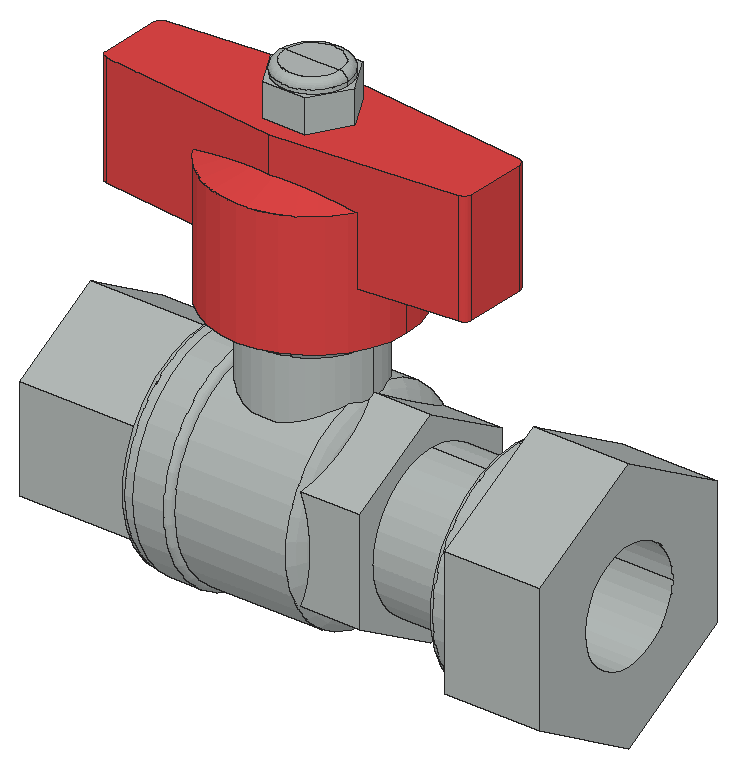
Revit family "QD00100000", category Apparecchi idraulici, Revit 2020
Family settings
  Quota connettore circolare = Usa diametro
  Tipo di parte = Normale
  Numero OmniClass = 23.45.00.00
  Titolo OmniClass = Sanitary, Laundry, and Cleaning Equipment
  Basato su piano di lavoro = No
  Sempre verticale = Sì
  Taglio con vuoti quando caricato = No
  Condiviso = No
  Punto di calcolo locali = No
Parameters
  URL = "https://web.cimberio.com/index.php/figura/178?subcategoria_id=54188"
  Temperatura di esercizio = "-20 ÷ 150°C"
  Prospetto di default = 0 mm
  Produttore = "CIMBERIO SPA"
  Pressione nominale = "PN 80 (DN15); PN 50 (DN20-25); PN 40 (DN32); PN 32 (DN40-50)"
  Modello = "Cim 204"
  Materiale = "Prodotto in lega di ottone conforme alla norma EN 12165-CW617N-DW"
  Descrizione = "Realizzato in ottemperanza ai requisiti gestionali della norma EN ISO 9001.\r\nUtilizzato per la regolazione della temperatura degli ambienti e comandare apparecchi degli impianti di riscaldamento e condizionamento."
  DN Model [instance] = QD00102103 : QD00102103
  DN [instance] = 15 mm
  Commenti sul tipo = "Utilizzato nei più svariati settori dell'impiantistica: reti di distribuzione acqua potabile, impianti di riscaldamento, condizionamento, igienico-sanitari e in generale con ogni fluido non corrosivo"
Reference planes
  plane 1 "Centro (Fronte/Retro)": y = 0
  plane 2: z = 0
  plane 3 "Centro (Sinistra/Destra)": x = 0
Dimensions and locks
  aligned and locked: level to plane 2
Nested families
  nested 1: "QD00102103" at (0, 0, 0), type <- "DN Model", type "QD00102103"
  nested 2: "QD00102103" at (0, 0, 0), type <- "DN Model", type "QD00102103"
  nested 3: "QD00102103" at (0, 0, 0), type <- "DN Model", type "QD00102103"
  nested 4: "QD00102103" at (0, 0, 0), type <- "DN Model", type "QD00102103"
  nested 5: "QD00102103" at (0, 0, 0), type <- "DN Model", type "QD00102103"
  nested 6: "QD00102103" at (0, 0, 0), type <- "DN Model", type "QD00102103"
  nested 7: "QD00102103" at (0, 0, 0), type <- "DN Model", type "QD00102103"
  nested 8: "QD00102103" at (0, 0, 0), type <- "DN Model", type "QD00102103"
  nested 9: "QD00102103" at (0, 0, 0), type <- "DN Model", type "QD00102103"
  nested 10: "QD00102103" at (0, 0, 0), type <- "DN Model", type "QD00102103"
Connectors
  piping at (43.182, 0, 0), diameter 15, driven by "DN"
    settings: on nested 1, index 1, connector inside diameter 609.6 mm, connector length 0 mm, flow factor 0, pipe flow 0.0 L/s, pressure drop 0.0 Pa, fitting loss kfactor 0, connector angle 0.00°, fixture units 0, engagement length 0 mm, angle of deflection 0.00°, flow configuration 0, flow direction 0, fitting loss method 0, system type 7, joint type 0, gender type 0, connector reference index -1, connector utility 0, adjustable connector no, is connector primary yes, connector description ""
  piping at (-30.318, 0, 0), diameter 15, driven by "DN"
    settings: on nested 1, index 2, connector inside diameter 609.6 mm, connector length 0 mm, flow factor 0, pipe flow 0.0 L/s, pressure drop 0.0 Pa, fitting loss kfactor 0, connector angle 0.00°, fixture units 0, engagement length 0 mm, angle of deflection 0.00°, flow configuration 0, flow direction 0, fitting loss method 0, system type 7, joint type 0, gender type 0, connector reference index -1, connector utility 0, adjustable connector no, is connector primary no, connector description ""
Definition of nested family "QD00102103"
  Parameters (values of type "QD00102103")
    URL = "https://web.cimberio.it/index.php/figura/394?subcategoria_id="
    Temperatura di esercizio = "-10 ÷ 95°C"
    Default Elevation = 0 mm
    Manufacturer = "CIMBERIO SPA"
    Pressione nominale = "PN 16"
    Model = "Cim 32"
    Materiale = "Prodotto in lega di ottone conforme alla norma EN 12165-CW617N-DW"
    Description = "Impiegato nei più svariati settori dell'impiantistica in condutture anti-ritorno per: reti di distribuzione acqua potabile, impianti di riscaldamento, condizionamento, igienico-sanitari e in generale con ogni fluido non corrosivo."
    Type Comments = "Realizzato in ottemperanza ai requisiti gestionali della norma EN ISO 9001.\r\nCollaudato al 100% secondo la normativa EN 12266-1"
  Reference planes
    plane 1 "Centro (Fronte/Retro)": y = 0
    plane 2: z = 0
    plane 3 "Centro (Sinistra/Destra)": x = 0
  Forms (mm)
    Revolve 1, solid
      sketch origin (0, 0, 0) x (1, 0, 0) y (0, 0, 1)
        loop
          line (-12.6, 14.75) -> (-13.886, 14.75)
          arc (-13.886, 14.75) -> (-14.391, 14.541) -> (-14.6, 14.036) r 0.714
          line (-14.6, 14.036) -> (-14.6, 7.5) -> (-12.6, 7.5) -> (-12.6, 14.75)
        axis (-14.6, 0) -> (-12.6, 0)
      angle from 0 to 360
    Revolve 2, solid
      sketch origin (0, 0, 0) x (1, 0, 0) y (0, 0, 1)
        loop
          line (-12.6, -15) -> (-8.453, -15)
          arc (-8.453, -15) -> (-7.862, -14.806) -> (-7.5, -14.3) r 1
          line (-7.5, -14.3) -> (7.7, -14.3)
          arc (7.7, -14.3) -> (9.549, -11.151) -> (9.473, -7.5) r 6.705
          line (9.473, -7.5) -> (-12.6, -7.5) -> (-12.6, -15)
        axis (-12.6, 0) -> (9.473, 0)
      angle from 0 to 360
    Extrusion 3, solid
      sketch origin (0, 0, 0) x (0, 1, 0) y (0, 0, 1)
        loop
          circle (0, 0) r 7.5
        loop
          line (0, 14) -> (-12.124, 7) -> (-12.124, -7) -> (0, -14) -> (12.124, -7) -> (12.124, 7) -> (0, 14)
      from 7.682 to 16.151
    Extrusion 4, solid
      sketch origin (-38, 0, 0) x (0, 1, 0) y (0, 0, 1)
        loop
          circle (0, 0) r 7.5
        loop
          line (0, 14) -> (-12.124, 7) -> (-12.124, -7) -> (0, -14) -> (12.124, -7) -> (12.124, 7) -> (0, 14)
      from 7.682 to 23.4
    Revolve 5, solid
      sketch origin (0, 0, 0) x (1, 0, 0) y (0, 0, 1)
        loop
          line (26, 10) -> (16.151, 10) -> (16.151, 7.5) -> (28.182, 7.5) -> (28.182, 11.1) -> (27.136, 11.1)
          arc (27.136, 11.1) -> (26.695, 10.419) -> (26, 10) r 1.808
        axis (16.151, 0) -> (28.182, 0)
      angle from 0 to 360
    Revolve 6, solid
      sketch origin (-3.018, 0, 0) x (1, 0, 0) y (0, 0, 1)
        loop
          line (30.7, 7.5) -> (33.2, 7.5) -> (33.2, 14.772) -> (31.2, 14.772)
          arc (31.2, 14.772) -> (30.847, 14.626) -> (30.7, 14.272) r 0.5
          line (30.7, 14.272) -> (30.7, 7.5)
        axis (30.7, 0) -> (33.2, 0)
      angle from 0 to 360
    Extrusion 7, solid
      sketch origin (0, 0, 0) x (0, 1, 0) y (0, 0, 1)
        loop
          circle (0, 0) r 7.5
        loop
          line (0, 17.4) -> (-15.069, 8.7) -> (-15.069, -8.7) -> (0, -17.4) -> (15.069, -8.7) -> (15.069, 8.7) -> (0, 17.4)
      from 30.182 to 43.182
    Revolve 8, solid
      sketch origin (0, 0, 0) x (1, 0, 0) y (0, 0, 1)
        loop
          line (-9, 26.168) -> (-9, 20.867)
          arc (-9, 20.867) -> (-8.866, 20.366) -> (-8.5, 20) r 1
          line (-8.5, 20) -> (-8.5, 11.674) -> (-0.999, 11.674) -> (-0.999, 26.168) -> (-9, 26.168)
        axis (-0.063, 26.168) -> (-0.063, 11.674)
      angle from 0 to 360
    Revolve 9, solid
      sketch origin (0, 0, 0) x (1, 0, 0) y (0, 0, 1)
        loop
          line (-12.882, 22.8) -> (0, 22.8) -> (0, 41.574)
          arc (0, 41.574) -> (-6.528, 41.282) -> (-12.882, 39.754) r 34.224
          line (-12.882, 39.754) -> (-12.882, 22.8)
        axis (0, 41.574) -> (0, 22.8)
      angle from 0 to 360
    Revolve 10, solid
      sketch origin (0, 0, 0) x (1, 0, 0) y (0, 0, 1)
        loop
          line (0, 49.392) -> (4.75, 49.392) -> (4.75, 50.768)
          arc (4.75, 50.768) -> (4.448, 51.498) -> (3.718, 51.8) r 1.032
          line (3.718, 51.8) -> (0, 51.8) -> (0, 49.392)
        axis (0, 51.8) -> (0, 49.392)
      angle from 0 to 360
    Extrusion 11, solid
      sketch origin (0, 0, 0) x (1, 0, 0) y (0, 1, 0)
        loop
          line (5.771, 0) -> (2.886, 4.998) -> (-2.886, 4.998) -> (-5.771, 0) -> (-2.886, -4.998) -> (2.886, -4.998) -> (5.771, 0)
      from 45.8 to 50.3
    Extrusion 12, solid
      sketch origin (0, 0, 0) x (1, 0, 0) y (0, 1, 0)
        loop
          arc (-24.099, 5.09) -> (-24.741, 4.766) -> (-25, 4.095) r 1
          line (-25, 4.095) -> (-25, -4.095)
          arc (-25, -4.095) -> (-24.741, -4.766) -> (-24.099, -5.09) r 1
          line (-24.099, -5.09) -> (0, -7.495) -> (24.099, -5.09)
          arc (24.099, -5.09) -> (24.741, -4.766) -> (25, -4.095) r 1
          line (25, -4.095) -> (25, 4.095)
          arc (25, 4.095) -> (24.741, 4.766) -> (24.099, 5.09) r 1
          line (24.099, 5.09) -> (0, 7.495) -> (-24.099, 5.09)
      from 30.493 to 45.822
  Dimensions and locks
    aligned and locked: level to plane 2
